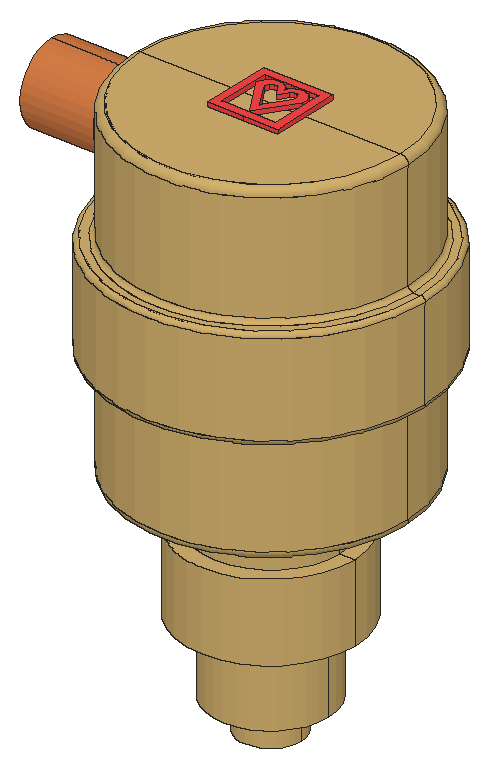
Revit family "Воздухоудалитель с функцией выпуска воздуха с обратным клапаном 2630 11 (12)", category Rohrzubehör, Revit 2021
Family settings
  Bemaßung runder Anschluss = Durchmesser verwenden
  Teiletyp = Normal
  OmniClass-Nummer = 23.65.55.14
  OmniClass-Titel = Valves for Liquid Services
  Arbeitsebenenbasiert = Nein
  Immer vertikal = Ja
  Beim Laden mit Abzugskörper schneiden = Nein
  Gemeinsam genutzt = Nein
Parameters
  Поплавок = "Полипропилен"  # constant formula
  Номер заказа [instance] = if(Nennweite = 10.000 mm, 1263011, if(Nennweite = 15.000 mm, 1263012, 0))  # 1263012
  Vorgabe-Ansicht = 0.000 mm
  SW = 11.000 mm  # constant formula
  SCRNSEQ = "AWI;AWI_TYP=\"1013\";1"
  SCRNCODE = "05;14;01"  # constant formula
  S05 = 19.000 mm  # constant formula
  S04 = 16.500 mm  # constant formula
  S03 = 24.500 mm  # constant formula
  S02 = 11.000 mm  # constant formula
  S01 = 56.000 mm  # constant formula
  Обратный клапан = "Латунь CW617N, EN 12165"  # constant formula
  Мин. рабочая температура = 0 °C  # constant formula
  Макс. давление на корпусе = 1000000.0 Pa  # constant formula
  Макс. рабочая температура = 110 °C  # constant formula
  URL = "www.herz-armaturen.ru"
  R02 = 0.600 mm  # constant formula
  R01 = 1.000 mm  # constant formula
  Nennweite [instance] = 15.000 mm
  Среда = "Качество  теплоносителя в соответствии с ÖNORM H5195 и/или предписаниями VDI-Standard 2035.\nРазрешается использование смеси этилен или пропиленгликоля в соотношении 25-50% с водой. Прокладки EPDM могут быть подвержены воздействию минеральных смазочных масел, что может служить причиной выхода из строя данных уплотнений. Пожалуйста, обратитесь к документации производителя, при использовании этиленгликоля и пропиленгликоля в целях защиты от замерзания."
  Макс. рабочее давление = 1000000.0 Pa  # constant formula
  L04 = L02 - L03  # 18.800 mm
  L03 = 9.500 mm  # constant formula
  L02 = 28.300 mm  # constant formula
  L01 = 4.000 mm  # constant formula
  Hersteller = "Herz-Armaturen GmbH"  # constant formula
  H11 = 10.000 mm  # constant formula
  H10 = 2.500 mm  # constant formula
  H09 [instance] = if(Nennweite = 10.000 mm, 30.000 mm, 26.000 mm)  # 26.000 mm
  H08 = H00 - 1.000 mm  # 55.000 mm
  H07 = H00 - 7.500 mm  # 48.500 mm
  H06 = 2.500 mm  # constant formula
  H05 = 9.000 mm  # constant formula
  H04 = 14.500 mm  # constant formula
  H03 = 15.500 mm  # constant formula
  H02 = 13.000 mm  # constant formula
  H01 = 9.500 mm  # constant formula
  H00 = 56.000 mm  # constant formula
  Корпус = "штампованная латунь в соответствии с EN 12165, CW617N"  # constant formula
  G1 [instance] = Nennweite / 2  # 7.500 mm
  G = 5.000 mm  # constant formula
  Уплотнение = "EPDM"  # constant formula
  Крышка корпуса = "штампованная латунь в соответствии с EN 12165, CW617N"  # constant formula
  D08 = 4.000 mm  # constant formula
  D07 = 9.000 mm  # constant formula
  D06 = 3.400 mm  # constant formula
  D05 = 5.100 mm  # constant formula
  D04 = 12.500 mm  # constant formula
  D03 = 11.000 mm  # constant formula
  D02 = 20.000 mm  # constant formula
  D01 = 17.800 mm  # constant formula
  Наружная резьба подключения = "в соответствии с ISO 228"  # constant formula
  Область применения = "Воздухоотводчик используется для удаления воздуха в системах отопления и холодоснабжения. Клапаны должны быть размещены рядом с котлом или же в самых высоких точках системы, чтобы обеспечить удаление воздуха из системы."
  Колпачок = "ABS пластик, цвет красный"  # constant formula
Reference planes
  plane 1 "Mitte (Vorne/hinten)": y = 0
  plane 2: z = 0
  plane 3 "Mitte (Links/rechts)": x = 0
Forms (mm)
  Revolve 1, solid, material "Messing", detail levels fine
    sketch origin (0, 0, 0) x (1, 0, 0) y (0, 0, 1)
      loop
        line (0, 56) -> (-16.8, 56)
        arc (-16.8, 56) -> (-17.507, 55.707) -> (-17.8, 55) r 1
        line (-17.8, 55) -> (-17.8, 41.1)
        arc (-17.8, 41.1) -> (-17.976, 40.676) -> (-18.4, 40.5) r 0.6
        line (-18.4, 40.5) -> (-19.4, 40.5)
        arc (-19.4, 40.5) -> (-19.824, 40.324) -> (-20, 39.9) r 0.6
        line (-20, 39.9) -> (-20, 28.1)
        arc (-20, 28.1) -> (-19.824, 27.676) -> (-19.4, 27.5) r 0.6
        line (-19.4, 27.5) -> (-18.4, 27.5)
        arc (-18.4, 27.5) -> (-17.976, 27.324) -> (-17.8, 26.9) r 0.6
        line (-17.8, 26.9) -> (-17.8, 14)
        arc (-17.8, 14) -> (-17.507, 13.293) -> (-16.8, 13) r 1
        line (-16.8, 13) -> (-13.8, 13) -> (-9, 9.5) -> (-5, 9.5) -> (-5, 0) -> (0, 0) -> (0, 56)
      axis (0, 56) -> (0, 0)
    angle from 0 to 360
  Revolve 2, solid, material "Messing", detail levels fine
    sketch origin (0, 0, 0) x (1, 0, 0) y (0, 0, 1)
      loop
        line (0, 48.5) -> (0, 51.9) -> (-18.8, 51.9) -> (-18.8, 48.5) -> (0, 48.5)
      axis (-18.8, 48.5) -> (0, 48.5)
    angle from 0 to 360
  Revolve 3, solid, material "Kunststoff-Orange", detail levels fine
    sketch origin (0, 0, 0) x (1, 0, 0) y (0, 0, 1)
      loop
        line (-28.3, 48.5) -> (-18.8, 48.5) -> (-18.8, 53.6) -> (-28.3, 53.6) -> (-28.3, 48.5)
      axis (-28.3, 48.5) -> (-18.8, 48.5)
    angle from 0 to 360
  Revolve 4, solid, material "Messing", detail levels fine
    sketch origin (0, 0, 0) x (1, 0, 0) y (0, 0, 1)
      loop
        line (-5, 9.5) -> (-9, 9.5) -> (-9, 7) -> (-11, 7) -> (-11, -3) -> (-7.5, -3) -> (-7.5, -12.5) -> (-4, -12.5) -> (-4, -16.5) -> (0, -16.5) -> (0, 0) -> (-5, 0) -> (-5, 9.5)
      axis (0, 9.5) -> (0, -16.5)
    angle from 0 to 360
Lines and regions (mm)
  model lines, detail levels coarse+medium
    curve 1: line (0, 0, 56) -> (-12.587, 0, 43.413)
    curve 2: line (0, 0, 56) -> (12.587, 0, 43.413)
    curve 3: circle (0, 0, 31.5) r 11 normal (0, -1, 0)
    curve 4: line (0, 0, 42.5) -> (0, 0, 56)
    curve 5: line (0, 0, 20.5) -> (0, 0, 0)
    curve 6: line (-9.5, 0, 0) -> (9.5, 0, 0)
    curve 7: line (9.5, 0, 0) -> (-8.886, 0, -16.5)
    curve 8: line (-8.886, 0, -16.5) -> (10.114, 0, -16.5)
    curve 9: circle (-8.886, 0, -16.5) r 5 normal (0, -1, 0)
    curve 10: line (0, 0, 56) -> (0, -12.587, 43.413)
    curve 11: line (0, 0, 56) -> (0, 12.587, 43.413)
    curve 12: circle (0, 0, 31.5) r 11 normal (1, 0, 0)
    curve 13: line (0, -9.5, 0) -> (0, 9.5, 0)
    curve 14: line (0, 9.5, 0) -> (0, -9.5, -16.5)
    curve 15: line (0, -9.5, -16.5) -> (0, 9.5, -16.5)
    curve 16: circle (0, -9.5, -16.5) r 5 normal (1, 0, 0)
    curve 17: line (0, 56, 0) -> (-12.587, 43.413, 0)
    curve 18: line (-12.587, 43.413, 0) -> (0, 56, 0)
    curve 19: line (0, 56, 0) -> (12.587, 43.413, 0)
    curve 20: circle (0, 31.5, 0) r 11 normal (0, 0, 1)
    curve 21: line (0, 42.5, 0) -> (0, 56, 0)
    curve 22: line (0, 20.5, 0) -> (0, 0, 0)
    curve 23: line (-9.5, 0, 0) -> (9.5, 0, 0)
    curve 24: line (9.5, 0, 0) -> (-9.5, -16.5, 0)
    curve 25: line (-9.5, -16.5, 0) -> (9.5, -16.5, 0)
    curve 26: circle (-9.5, -16.5, 0) r 5 normal (0, 0, 1)
Dimensions and locks
  "H02": Revolve 1 sketch curve to Revolve 1 sketch curve
  "H03": Revolve 1 sketch curve to Revolve 1 sketch curve
  "H04": Revolve 1 sketch curve to Revolve 1 sketch curve
  "L01": Revolve 1 sketch curve to Revolve 1 sketch curve  (x2)
  "D01": Revolve 1 sketch curve to Revolve 1 sketch curve  (x2)
  "D02": Revolve 1 sketch curve to Revolve 1 sketch curve
  "H07": Revolve 2 sketch curve to plane 2
  "D06": Revolve 2 sketch curve to Revolve 2 sketch curve
  "L02": plane 3 "Mitte (Links/rechts)" to Revolve 3 sketch curve
  "L03": Revolve 3 sketch curve to Revolve 3 sketch curve
  "D05": Revolve 3 sketch curve to Revolve 3 sketch curve
  "H07": Revolve 3 sketch curve to plane 2
  "L04": plane 3 "Mitte (Links/rechts)" to Revolve 2 sketch curve
  "H08": nested 1 to plane 2
  "G": Revolve 1 sketch curve to Revolve 1 sketch curve
  "H00": Revolve 1 sketch curve to Revolve 1 sketch curve
  "H01": Revolve 1 sketch curve to Revolve 1 sketch curve
  "G1": Revolve 4 sketch curve to Revolve 4 sketch curve
  "D07": Revolve 4 sketch curve to Revolve 4 sketch curve
  "D08": Revolve 4 sketch curve to Revolve 4 sketch curve
  "H09": Revolve 4 sketch curve to Revolve 4 sketch curve
  "H01": Revolve 4 sketch curve to Revolve 4 sketch curve  (x2)
  "H10": Revolve 4 sketch curve to Revolve 4 sketch curve
  "H11": Revolve 4 sketch curve to Revolve 4 sketch curve
  "SW": Revolve 4 sketch curve to Revolve 4 sketch curve
  "G": Revolve 4 sketch curve to Revolve 4 sketch curve
  "S01": curve 4 to plane 2
  "D01": curve 1 to curve 1
  "D01": curve 2 to curve 2
  "S03": curve 4 to curve 3
  "S05": curve 6 to curve 7
  "S05": curve 8 to curve 8
  "S04": curve 6 to curve 8
  "S01": curve 11 to plane 2
  "D01": curve 10 to curve 10
  "D01": curve 11 to curve 11
  "S03": curve 11 to curve 12
  "S04": curve 15 to curve 13
  "S05": curve 13 to curve 14
  "S05": curve 15 to curve 15
  "S01": plane 1 "Mitte (Vorne/hinten)" to curve 19
  "S03": curve 19 to curve 20
  "D01": curve 18 to curve 18
  "D01": curve 19 to curve 19
  "S05": curve 23 to curve 24
  "S05": curve 25 to curve 24
  "S04": curve 25 to curve 23
  "R01": radius of Revolve 1 sketch curve  (x2)
  "R02": radius of Revolve 1 sketch curve  (x4)
  "S02": radius of curve 3
  "S02": radius of curve 12
  "S02": radius of curve 20
  angle curve 1 to curve 4 = 45.00°
  angle curve 4 to curve 2 = 45.00°
  angle curve 10 to plane 1 "Mitte (Vorne/hinten)" = 45.00°
  angle plane 1 "Mitte (Vorne/hinten)" to curve 11 = 45.00°
  angle curve 18 to curve 21 = 45.00°
  angle curve 21 to curve 19 = 45.00°
  aligned and locked: level to plane 2
Automatic sketch dimensions
  curve 13 to level = 0.000 mm
  curve 10 to plane 1 "Mitte (Vorne/hinten)" = 0.000 mm
  curve 12 to plane 1 "Mitte (Vorne/hinten)" = 0.000 mm
  plane 1 "Mitte (Vorne/hinten)" to curve 14 = 9.500 mm
  curve 16 to curve 14 = 0.000 mm  (x2)
  curve 13 to plane 1 "Mitte (Vorne/hinten)" = 9.500 mm
  curve 6 to level = 0.000 mm
  curve 4 to plane 3 "Mitte (Links/rechts)" = 0.000 mm
  curve 5 to plane 3 "Mitte (Links/rechts)" = 0.000 mm
  curve 3 to plane 3 "Mitte (Links/rechts)" = 0.000 mm
  curve 9 to plane 3 "Mitte (Links/rechts)" = 8.886 mm
  curve 8 to curve 9 = 0.000 mm
  plane 3 "Mitte (Links/rechts)" to curve 6 = 9.500 mm
  curve 9 to curve 7 = 0.000 mm
  plane 1 "Mitte (Vorne/hinten)" to curve 23 = 0.000 mm
  curve 21 to plane 3 "Mitte (Links/rechts)" = 0.000 mm
  curve 22 to plane 3 "Mitte (Links/rechts)" = 0.000 mm
  curve 20 to plane 3 "Mitte (Links/rechts)" = 0.000 mm
  curve 26 to plane 3 "Mitte (Links/rechts)" = 9.500 mm
  curve 24 to curve 26 = 0.000 mm
  curve 22 to curve 23 = 9.500 mm
  curve 26 to curve 24 = 0.000 mm
  Revolve 1 sketch curve to level = 0.000 mm
  Revolve 1 sketch curve to plane 3 "Mitte (Links/rechts)" = 0.000 mm
  plane 3 "Mitte (Links/rechts)" to Revolve 1 sketch curve = 0.000 mm
  Revolve 1 sketch curve to Revolve 1 sketch curve = 2000.000 mm
  Revolve 1 sketch curve to Revolve 1 sketch curve = 1932.500 mm
  Revolve 2 sketch curve to plane 3 "Mitte (Links/rechts)" = 0.000 mm  (x2)
  Revolve 2 sketch curve to Revolve 2 sketch curve = 0.000 mm  (x2)
  Revolve 3 sketch curve to Revolve 3 sketch curve = 0.000 mm  (x3)
  Revolve 4 sketch curve to level = 0.000 mm
  Revolve 4 sketch curve to plane 3 "Mitte (Links/rechts)" = 0.000 mm  (x2)
  Revolve 4 sketch curve to Revolve 4 sketch curve = 340.545 mm
  Revolve 4 sketch curve to Revolve 4 sketch curve = 2204.815 mm
  radius of curve 16 = 5.000 mm
  radius of curve 9 = 5.000 mm
  radius of curve 26 = 5.000 mm
Nested families
  nested 1: "Herz-Logo" at (0, 0, 55), type "Herz-Logo", detail levels fine
Connectors
  piping at (0, 0, -12.5), diameter 15, driven by "Nennweite"
    settings: on Revolve 4, index 1, connector inside diameter 609.6 mm, connector length 0.000 mm, flow factor 0, pipe flow 0.0 L/s, pressure drop 0.0 Pa, fitting loss kfactor 0, connector angle 0.00°, fixture units 0, engagement length 0.000 mm, angle of deflection 0.00°, flow configuration 0, flow direction 0, fitting loss method 0, system type 7, joint type 0, gender type 0, connector reference index -1, connector utility 0, adjustable connector no, is connector primary yes, connector description ""
Definition of nested family "Herz-Logo"
  Parameters (values of type "Herz-Logo")
    Default Elevation = 0.000 mm
  Reference planes
    plane 1 "Mitte (Vorne/hinten)": y = 0
    plane 2: z = 0
    plane 3 "Mitte (Links/rechts)": x = 0
  Forms (mm)
    Extrusion 1, solid
      sketch origin (0, 0, 0) x (1, 0, 0) y (0, 1, 0)
        loop
          line (-0.018, -4.517) -> (4.482, -4.517) -> (4.482, 4.483) -> (-4.518, 4.483) -> (-4.518, -4.517) -> (-0.018, -4.517)
        loop
          line (-0.05, -3.48) -> (3.482, -3.48) -> (3.482, 3.483) -> (-3.518, 3.483) -> (-3.518, -3.48) -> (-0.05, -3.48)
        loop
          arc (-0.018, 2.383) -> (-1.543, 3.287) -> (-3.067, 2.383) r 1.738
          arc (-3.067, 2.383) -> (-3.191, 1.899) -> (-3.067, 1.415) r 1.009
          line (-3.067, 1.415) -> (-0.018, -3.281) -> (3.032, 1.415)
          arc (3.032, 1.415) -> (3.156, 1.899) -> (3.032, 2.383) r 1.009
          arc (3.032, 2.383) -> (1.507, 3.287) -> (-0.018, 2.383) r 1.738
        loop
          arc (1.885, 1.272) -> (2.005, 1.675) -> (1.885, 2.079) r 0.74
          arc (1.885, 2.079) -> (1.265, 2.416) -> (0.644, 2.079) r 0.74
          line (0.644, 2.079) -> (-0.018, 0.97) -> (-0.679, 2.079)
          arc (-0.679, 2.079) -> (-1.3, 2.416) -> (-1.921, 2.079) r 0.74
          arc (-1.921, 2.079) -> (-2.04, 1.675) -> (-1.921, 1.272) r 0.74
          line (-1.921, 1.272) -> (-0.018, -1.658) -> (1.885, 1.272)
      from 0 to 1.5
  Dimensions and locks
    aligned and locked: level to plane 2
